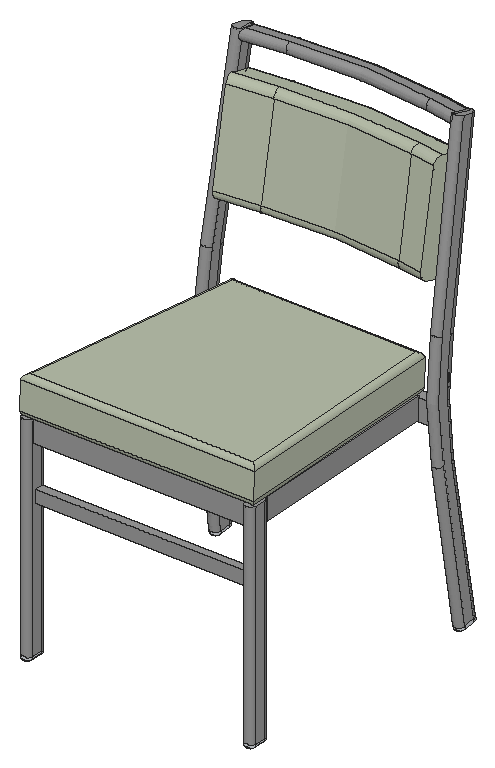
Revit family "8680", category Furniture, Revit 2020
Family settings
  OmniClass Number = 23.40.20.14.14.11
  OmniClass Title = Chairs
  Work Plane-Based = No
  Always vertical = Yes
  Cut with Voids When Loaded = No
  Shared = Yes
  Room Calculation Point = No
Parameters (values of type "Chair-Desk")
  Seat/Back Material = Textile - Slate Blue
  Default Elevation = 0 mm
  Base Material = Steel, Chrome Plated
  Assembly Code = "E2020200"
Reference planes
  plane 1: y = -176.811
  plane 2: z = 0
  plane 3 "Center (Left/Right)": through (297.766, 0, 0.069) normal (0.9998, 0, 0.0175)
  plane 4: through (-799.018, 10226.447, 905.019) normal (0, -0.9877, 0.1564)
  plane 5: x = -4.476
  plane 6: x = 465.592
  plane 7: z = 0
  plane 8: y = 251.705
  plane 9: y = -256.466
  plane 10: z = -9.832
  plane 11: through (-799.018, 221.738, 779.685) normal (0, -0.1736, -0.9848)
  plane 12: through (-799.018, 186.998, 582.668) normal (0, -0.1736, -0.9848)
  plane 13: x = 9.374
  plane 14: x = 450
  plane 15: x = 11.793
  plane 16: x = 448.214
  plane 17: z = 844.416
  plane 18: z = 467.814
  plane 19: y = -256.42
  plane 20: y = 299.232
Forms (mm)
  Sweep 1, solid, material "8680_wood"
    path origin (20, 0, 0) x (0, 1, 0) y (0, 0, 1)
      loop
        line (-236.42, 0) -> (-236.42, 400.411)
    profile origin (20, -236.42, 200.205) x (0, -1, 0) y (1, 0, 0)
      loop
        line (-10, -10) -> (10, -10)
        arc (10, -10) -> (20, 0) -> (10, 10) r 10
        line (10, 10) -> (-10, 10)
        arc (-10, 10) -> (-20, 0) -> (-10, -10) r 10
  Sweep 2, solid, material "8680_wood"
    path origin (440, 0, 0) x (0, 1, 0) y (0, 0, 1)
      loop
        line (-236.42, 0) -> (-236.42, 400.411)
    profile origin (440, -236.42, 200.205) x (0, -1, 0) y (1, 0, 0)
      loop
        line (-10, -10) -> (10, -10)
        arc (10, -10) -> (20, 0) -> (10, 10) r 10
        line (10, 10) -> (-10, 10)
        arc (-10, 10) -> (-20, 0) -> (-10, -10) r 10
  Sweep 3, solid, material "8680_wood"
    path origin (0.047, 284.154, -2.855) x (0, -0.99863, 0.052336) y (0.026409, 0.052318, 0.998281)
      loop
        line (53.032, 1.478) -> (110.118, 284.182)
        arc (110.118, 284.182) -> (122.064, 389.842) -> (115.631, 495.979) r 615
        line (115.631, 495.979) -> (71.945, 843.161)
    profile origin (3.819, 210.163, 143.999) x (0.005227, 0.989228, 0.146292) y (-0.999651, 0.001382, 0.026373)
      loop
        arc (10, -10) -> (20, 0) -> (10, 10) r 10
        line (10, 10) -> (-10, 10)
        arc (-10, 10) -> (-20, 0) -> (-10, -10) r 10
        line (-10, -10) -> (10, -10)
  Sweep 4, solid, material "8680_wood"
    path origin (459.957, 284.154, -2.855) x (0, -0.99863, 0.052336) y (0.026409, -0.052318, -0.998281)
      loop
        line (53.032, -1.478) -> (110.118, -284.182)
        arc (110.118, -284.182) -> (122.064, -389.842) -> (115.631, -495.979) r 615
        line (115.631, -495.979) -> (71.776, -841.421)
    profile origin (456.185, 210.163, 143.999) x (0.005227, -0.989228, -0.146292) y (0.999651, 0.001382, 0.026373)
      loop
        line (-10, -10) -> (10, -10)
        arc (10, -10) -> (20, 0) -> (10, 10) r 10
        line (10, 10) -> (-10, 10)
        arc (-10, 10) -> (-20, 0) -> (-10, -10) r 10
  Sweep 5, solid, material "8680_wood"
    path origin (-150.501, 177.436, 846.941) x (0.040772, 0.984156, -0.172553) y (-0.999168, 0.040312, -0.006172)
      loop
        line (88.069, -174.924) -> (103.895, -253.343)
        arc (103.895, -253.343) -> (119.335, -389.913) -> (111.02, -527.101) r 794.918
        line (111.02, -527.101) -> (102.959, -581.507)
    profile origin (67.367, 263.265, 831.701) x (-0.15769, 0.972682, -0.170364) y (0.000882, 0.172661, 0.984981)
      loop
        line (-10, -10) -> (10, -10)
        arc (10, -10) -> (20, 0) -> (10, 10) r 10
        line (10, 10) -> (-10, 10)
        arc (-10, 10) -> (-20, 0) -> (-10, -10) r 10
  Extrusion 6, solid, material "8680_wood"
    sketch origin (410.258, -2.12, 1.516) x (-0.085576, 0.996332, 0) y (0, 0, 1)
      loop
        line (-216.42, 400.411) -> (-216.42, 360.381) -> (180.935, 345.308) -> (180.935, 385.307) -> (-216.42, 400.411)
    from 0 to 20
  Extrusion 7, solid, material "8680_wood"
    sketch origin (29.621, -0.408, 0.099) x (0.085558, 0.996333, 0) y (0, 0, 1)
      loop
        line (-216.42, 400.411) -> (-216.42, 360.381) -> (180.935, 345.308) -> (180.935, 385.307) -> (-216.42, 400.411)
    from 0 to 20
  Extrusion 8, solid, material "8680_wood"
    sketch origin (289.021, -221.861, 2116.923) x (-0.01767, 0, 0.999844) y (-0.999844, 0, -0.01767)
      loop
        line (-1838.339, -108.513) -> (-1831.271, 291.424) -> (-1856.284, 291.867) -> (-1863.352, -108.071) -> (-1838.339, -108.513)
    from 4.56 to 19.56
  Extrusion 9, solid, material "8680_wood"
    sketch origin (289.021, -224.361, 2236.923) x (-0.01767, 0, 0.999844) y (-0.999844, 0, -0.01767)
      loop
        line (-1838.717, -108.506) -> (-1831.649, 291.431) -> (-1871.643, 292.138) -> (-1878.711, -107.8) -> (-1838.717, -108.506)
    from 2.06 to 22.06
  Extrusion 10, solid, material "8680_wood"
    sketch origin (289.021, 200.268, 2221.923) x (-0.01767, 0, 0.999844) y (-0.999844, 0, -0.01767)
      loop
        line (-1838.93, -120.58) -> (-1831.447, 302.866) -> (-1871.441, 303.573) -> (-1878.924, -119.874) -> (-1838.93, -120.58)
    from 2.06 to 22.06
  Extrusion 11, solid, material "8680_wood"
    sketch origin (0, 9819.269, 27.671) x (-1, 0, 0) y (0, 0.999312, -0.03708)
      loop
        line (-411.08, -9833.638) -> (-411.08, -9853.562) -> (-48.728, -9853.562) -> (-48.728, -9833.638) -> (-411.08, -9833.638)
      loop
        line (-113.811, -10052.801) -> (-88.355, -10052.801) -> (-34.786, -9999.436) -> (-36.753, -9976.037) -> (-113.811, -10052.801)
      loop
        line (-345.997, -10052.801) -> (-423.055, -9976.037) -> (-425.022, -9999.436) -> (-371.453, -10052.801) -> (-345.997, -10052.801)
      loop
        line (-136.12, -9649.712) -> (-60.861, -9724.684) -> (-60.861, -9699.325) -> (-110.664, -9649.712) -> (-136.12, -9649.712)
      loop
        line (-349.144, -9649.712) -> (-398.947, -9699.325) -> (-398.947, -9724.684) -> (-323.688, -9649.712) -> (-349.144, -9649.712)
    from 0 to 20
  Extrusion 12, solid, material "8680_fabric"
    sketch origin (0, 12177.276, -1.585) x (-1, 0, 0) y (0, 0.99928, -0.037946)
      loop
        line (-348.119, -12058.169) -> (-374.797, -12366.011) -> (-86.391, -12366.011) -> (-113.069, -12058.169) -> (-348.119, -12058.169)
    from 0 to 70
  Sweep 13, solid, material "8680_fabric"
    path origin (-150.501, 160.665, 780.974) x (0.040772, 0.983371, -0.176973) y (-0.999168, 0.040284, -0.006353)
      loop
        line (87.816, -173.672) -> (103.895, -253.343)
        arc (103.895, -253.343) -> (119.335, -389.913) -> (111.02, -527.101) r 794.918
        line (111.02, -527.101) -> (103.602, -577.166)
    profile origin (66.737, 246.326, 765.366) x (-0.15769, 0.971907, -0.174732) y (0.000882, 0.177085, 0.984195)
      loop
        arc (-20, 10.056) -> (-30.606, 5.663) -> (-35, -4.944) r 15
        line (-35, -4.944) -> (-35, -175)
        arc (-35, -175) -> (-30.606, -185.607) -> (-20, -190) r 15
        line (-20, -190) -> (10, -190)
        arc (10, -190) -> (17.071, -187.071) -> (20, -180) r 10
        line (20, -180) -> (20, 4.056)
        arc (20, 4.056) -> (18.243, 8.299) -> (14, 10.056) r 6
        line (14, 10.056) -> (-20, 10.056)
  Sweep 14, solid
    path in 3D
      loop
        arc (469.967, 221.393, 0.197) -> (460.022, 211.487, -1.53) -> (449.974, 221.365, -0.331) r 10
        line (449.974, 221.365, -0.331) -> (449.869, 241.15, 2.595)
        arc (449.869, 241.15, 2.595) -> (459.813, 251.056, 4.322) -> (469.862, 241.177, 3.122) r 10
        line (469.862, 241.177, 3.122) -> (469.967, 221.393, 0.197)
    profile origin (469.914, 231.285, 1.66) x (-0.999651, -0.001382, -0.026373) y (0.025887, 0.146379, -0.98889)
      loop
        line (8.682, 0) -> (8.682, 9.851)
        arc (8.682, 9.851) -> (3.911, 8.195) -> (0, 5) r 14.469
        line (0, 5) -> (0, 0) -> (8.682, 0)
  Sweep 15, solid
    path in 3D
      loop
        arc (10.027, 221.232, -0.351) -> (0.006, 211.326, -1.55) -> (-9.966, 221.204, 0.177) r 10
        line (-9.966, 221.204, 0.177) -> (-9.916, 240.989, 3.104)
        arc (-9.916, 240.989, 3.104) -> (0.106, 250.895, 4.304) -> (10.077, 241.016, 2.577) r 10
        line (10.077, 241.016, 2.577) -> (10.027, 221.232, -0.351)
    profile origin (10.052, 231.124, 1.113) x (-0.999662, 0.006255, -0.025243) y (0.025887, 0.146252, -0.988909)
      loop
        line (8.671, -0.453) -> (9.184, 9.384)
        arc (9.184, 9.384) -> (4.333, 7.98) -> (0.261, 4.993) r 14.469
        line (0.261, 4.993) -> (0, 0) -> (8.671, -0.453)
  Sweep 16, solid
    path in 3D
      loop
        arc (29.367, -246.607, -0.213) -> (19.345, -256.582, 0.05) -> (9.374, -246.557, 0.312) r 10
        line (9.374, -246.557, 0.312) -> (9.424, -226.557, 0.312)
        arc (9.424, -226.557, 0.312) -> (19.445, -216.582, 0.05) -> (29.417, -226.607, -0.213) r 10
        line (29.417, -226.607, -0.213) -> (29.367, -246.607, -0.213)
    profile origin (29.392, -236.607, -0.213) x (-0.999664, 0.002493, -0.025799) y (0.025799, -0.000064, -0.999667)
      loop
        line (8.671, -0.452) -> (9.184, 9.385)
        arc (9.184, 9.385) -> (4.333, 7.98) -> (0.26, 4.993) r 14.469
        line (0.26, 4.993) -> (0, 0) -> (8.671, -0.452)
  Sweep 17, solid
    path in 3D
      loop
        arc (449.911, -246.443, 0) -> (439.886, -256.418, 0) -> (429.911, -246.393, 0) r 10
        line (429.911, -246.393, 0) -> (429.961, -226.393, 0)
        arc (429.961, -226.393, 0) -> (439.986, -216.418, 0) -> (449.961, -226.443, 0) r 10
        line (449.961, -226.443, 0) -> (449.911, -246.443, 0)
    profile origin (449.936, -236.443, 0) x (-0.999664, 0.002493, -0.025799) y (0.025799, -0.000064, -0.999667)
      loop
        line (8.68, -0.224) -> (8.934, 9.623)
        arc (8.934, 9.623) -> (4.121, 8.091) -> (0.129, 4.998) r 14.469
        line (0.129, 4.998) -> (0, 0) -> (8.68, -0.224)
  Sweep 18, solid, material "8680_fabric"
    path origin (0, 12174.62, -71.535) x (-1, 0, 0) y (0, 0.99928, -0.037946)
      loop
        line (-374.797, -12366.011) -> (-86.391, -12366.011) -> (-113.069, -12058.169) -> (-348.119, -12058.169) -> (-374.797, -12366.011)
    profile origin (230.594, -182.485, 397.708) x (0, 0.99928, -0.037946) y (0, -0.037946, -0.99928)
      loop
        line (0, 0) -> (-60, 0)
        arc (-60, 0) -> (-67.071, -2.929) -> (-70, -10) r 10
        line (-70, -10) -> (-70, -60)
        arc (-70, -60) -> (-67.071, -67.071) -> (-60, -70) r 10
        line (-60, -70) -> (0, -70) -> (0, 0)
Cuts and joins
  joined: Extrusion 12, Sweep 18
Lines and regions (mm)
  model lines
    curve 1: line (0, -256.42, 400.411) -> (0, -216.42, 400.411)
  sketch lines
    curve 2: line (469.862, 241.177, 3.122) -> (469.967, 221.393, 0.197)
    curve 3: arc (469.862, 241.177, 3.122) -> (459.813, 251.056, 4.322) -> (449.869, 241.15, 2.595) r 10
    curve 4: line (449.974, 221.365, -0.331) -> (449.869, 241.15, 2.595)
    curve 5: arc (449.974, 221.365, -0.331) -> (460.022, 211.487, -1.53) -> (469.967, 221.393, 0.197) r 10
    curve 6: line (10.077, 241.016, 2.577) -> (10.027, 221.232, -0.351)
    curve 7: arc (10.077, 241.016, 2.577) -> (0.106, 250.895, 4.304) -> (-9.916, 240.989, 3.104) r 10
    curve 8: line (-9.966, 221.204, 0.177) -> (-9.916, 240.989, 3.104)
    curve 9: arc (-9.966, 221.204, 0.177) -> (0.006, 211.326, -1.55) -> (10.027, 221.232, -0.351) r 10
    curve 10: line (29.417, -226.607, -0.213) -> (29.367, -246.607, -0.213)
    curve 11: arc (29.417, -226.607, -0.213) -> (19.445, -216.582, 0.05) -> (9.424, -226.557, 0.312) r 10
    curve 12: line (9.374, -246.557, 0.312) -> (9.424, -226.557, 0.312)
    curve 13: arc (9.374, -246.557, 0.312) -> (19.345, -256.582, 0.05) -> (29.367, -246.607, -0.213) r 10
    curve 14: line (449.961, -226.443, 0) -> (449.911, -246.443, 0)
    curve 15: arc (449.961, -226.443, 0) -> (439.986, -216.418, 0) -> (429.961, -226.393, 0) r 10
    curve 16: line (429.911, -246.393, 0) -> (429.961, -226.393, 0)
    curve 17: arc (429.911, -246.393, 0) -> (439.886, -256.418, 0) -> (449.911, -246.443, 0) r 10
Dimensions and locks
  plane 6 to plane 5 = 470.068 mm
  plane 5 to plane 6 = 470.068 mm
  plane 8 to plane 9 = 508.171 mm
  plane 12 to plane 11 = 200.057 mm
  plane 14 to plane 13 = 440.626 mm
  plane 15 to plane 16 = 436.422 mm
  level to plane 17 = 844.416 mm
  plane 18 to plane 10 = 477.646 mm
  plane 20 to plane 19 = 555.653 mm
  angle Extrusion 7 to Sweep 13 = 98.0152°
